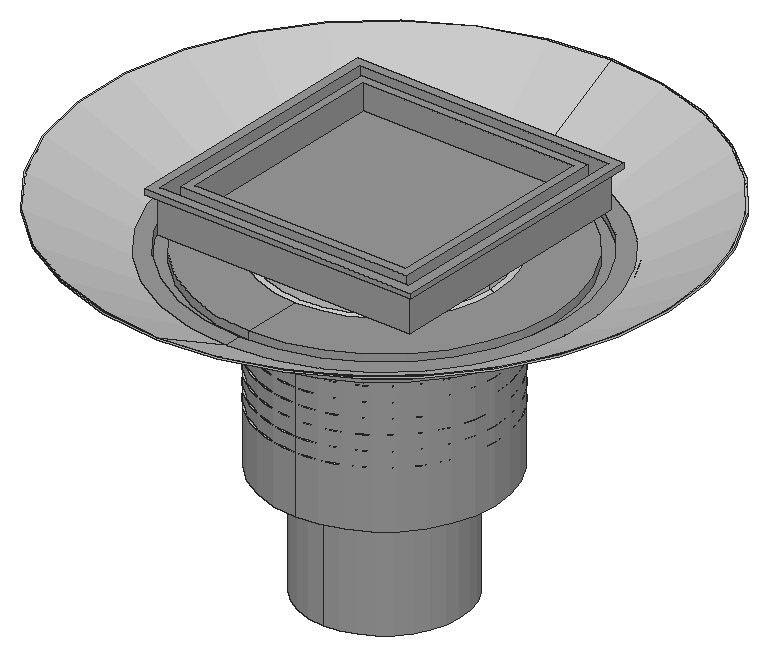
Revit family "_02HL_RU_Floor drain_HL310N-3020", category Instalační zařizovací předměty, Revit 2021
Family settings
  Kóta kulaté spojky = Použít průměr
  Typ dílu = Normální
  Číslo OmniClass = 23.70.50.21.24.14
  Nadpis OmniClass = Deck Waste Water Drains
  Založené na pracovní rovině = Ne
  Vždy vertikální = Ano
  Ořezat dutým tvarem při načtení = Ne
  Sdílené = Ano
  Bod výpočtu místnosti = Ano
Parameters (values of type "HL310N-3020")
  РЕШЁТКА = "112 x 112 mm / ABS-V4A"
  РАЗМЕР = "DN50/75/110"
  ПРОПУСКНАЯ СПОСОБНОСТЬ = 0.67 L/s
  ПРОИЗВОДИТЕЛЬНОСТЬ = "0,67 l/s"
  ПРАВОВАЯ ИНФОРМАЦИЯ = "Авторские права(©), права на дизайн или какие либо другие права интелектуальной собственности являются исключительной собственностью компании HL Hutterer & Lechner. Изменению не подлежит. Файл семейства с данными о прозводителе изделия защищен паролем с водяным знаком."  # constant formula
  Нормы = "EN 1253-1"
  НОМИНАЛЬНЫЙ ДИАМЕТР [instance] = 50 mm
  НАСАДКА = "10 - 80 mm / 132 x 132 mm / PP-V4A"
  МАТЕРИАЛ = "PP"
  МАКСИМАЛЬНАЯ НАГРУЗКА КЛАССА = "K3 - 300 kg"
  ВЫСОТА МОНТАЖА = "183 mm"
  ВЕС = "0,66 [kg]"
  EAN = "9003076034383"
  Výchozí výška = 0 mm
  Přípoj ventilace = no
  Výrobce = "HL Hutterer & Lechner GmbH"  # constant formula
  URL = "https://www.hutterer-lechner.com/ru/products/catalog/Floor-drains/attachments/HL310n-3020.aspx"
  Přípoj odpadních dílů = yes
  Přípoj HW = no
  Popis = "Трап для внутренних помещений"
  Model = "HL310N-3020"
  Komentáře k typům = "HL310N-3020 Трап для внутренних помещений с гидрозатвором, с вертикальным выпуском DN50/75/110, с надставным элементом 132х132/112х112 мм для вклеивания керамической плитки"
  Keynote = "HL310N-3020"
  Высота монтажа [instance] = 183 mm
  DN_Test [instance] = if(or(НОМИНАЛЬНЫЙ ДИАМЕТР = 50 mm, НОМИНАЛЬНЫЙ ДИАМЕТР = 75 mm, НОМИНАЛЬНЫЙ ДИАМЕТР = 110 mm), 30 mm, 0 mm)  # 30 mm
  Přípoj CW = no
  B [instance] = if(НОМИНАЛЬНЫЙ ДИАМЕТР = 110 mm, Высота монтажа - 56 mm, Высота монтажа)  # 183 mm
  A [instance] = if(B - 100 mm > 15 mm, B - 100 mm, 15 mm)  # 83 mm
  - - - DE - - - = 0 mm
Reference planes
  plane 1 "Center (Front/Back)": y = 0
  plane 2: z = 0
  plane 3 "Center (Left/Right)": x = 0
  plane 4 "Ball Joint Vertical": x = 25.45
  plane 5: z = -183
  plane 6: z = -183
Lines and regions (mm)
  model lines, style "InvisibleLines"
    curve 1: line (0, 0, 0) -> (0, 0, 1000)
  reference lines, not visible
    curve 2: line (0, 0, 0) -> (0, 0, -183)
  model lines, detail levels coarse+medium
    curve 3: line (0, 0, -183) -> (0, 0, -100)
    curve 4: line (0, 0, -100) -> (100, 0, 0)
    curve 5: line (0, 0, -100) -> (-100, 0, 0)
  symbolic lines, style "InvisibleLines", not visible
    curve 6: line (0, 0, 0) -> (0, 0, -30)
  symbolic lines, detail levels coarse+medium
    curve 7: line (-75, 75, 0) -> (75, 75, 0)
    curve 8: line (-75, 75, 0) -> (-75, -75, 0)
    curve 9: line (-75, -75, 0) -> (75, -75, 0)
    curve 10: line (75, 75, 0) -> (75, -75, 0)
    curve 11: line (145.711, 145.711, 0) -> (75, 75, 0)
    curve 12: line (-145.711, 145.711, 0) -> (-75, 75, 0)
    curve 13: line (145.711, -145.711, 0) -> (75, -75, 0)
    curve 14: line (-145.711, -145.711, 0) -> (-75, -75, 0)
  symbolic lines, not visible, detail levels coarse+medium
    curve 15: line (245.381, -300.208, 0) -> (395.381, -300.208, 0)
    curve 16: line (245.381, -300.208, 0) -> (245.381, -450.208, 0)
    curve 17: line (245.381, -450.208, 0) -> (395.381, -450.208, 0)
    curve 18: line (395.381, -300.208, 0) -> (395.381, -450.208, 0)
    curve 19: line (466.091, -229.497, 0) -> (395.381, -300.208, 0)
    curve 20: line (174.67, -229.497, 0) -> (245.381, -300.208, 0)
    curve 21: line (466.091, -520.918, 0) -> (395.381, -450.208, 0)
    curve 22: line (174.67, -520.918, 0) -> (245.381, -450.208, 0)
Text (mm)
  text "FLOOR" at (-236.513, 0, -26.556), in view "вид строительства"
Dimensions and locks
  locked: plane 4 "Ball Joint Vertical" to plane 3 "Center (Left/Right)" at 25.45
  "Высота монтажа": plane 2 to plane 5
  "A": curve 5 to plane 6
  "B": curve 5 to plane 6
  "B": curve 4 to plane 6
  "B": plane 2 to plane 6
  "DN_Test": plane 2 to curve 6
  locked: curve 4 to plane 3 "Center (Left/Right)" (angle 45.00°)
  locked: plane 3 "Center (Left/Right)" to curve 5 (angle 45.00°)
  aligned and locked: level to plane 2
  aligned and locked: plane 2 to curve 1
  aligned and locked: plane 3 "Center (Left/Right)" to curve 2
  aligned and locked: plane 3 "Center (Left/Right)" to curve 3
  aligned and locked: plane 3 "Center (Left/Right)" to curve 5
  aligned and locked: plane 2 to curve 2
  aligned and locked: plane 6 to curve 2
  aligned and locked: curve 6 to plane 3 "Center (Left/Right)"
  aligned and locked: plane 6 to curve 3
  aligned and locked: plane 5 to nested 1  (x2)
Automatic sketch dimensions
  curve 12 to curve 11 = 150 mm
  curve 9 to curve 11 = 150 mm
  curve 12 to curve 8 = 70.711 mm
  curve 14 to curve 9 = 70.711 mm  (x2)
  curve 7 to curve 11 = 70.711 mm  (x2)
  curve 9 to curve 13 = 70.711 mm
  curve 13 to curve 9 = 70.711 mm
  curve 8 to curve 12 = 70.711 mm
  curve 20 to curve 19 = 150 mm
  curve 17 to curve 19 = 150 mm
  curve 20 to curve 16 = 70.711 mm
  curve 22 to curve 17 = 70.711 mm  (x2)
  curve 15 to curve 19 = 70.711 mm  (x2)
  curve 17 to curve 21 = 70.711 mm
  curve 21 to curve 17 = 70.711 mm
  curve 16 to curve 20 = 70.711 mm
  level to curve 1 = 1000 mm
Nested families
  nested 1: "HL-Корпус для трапа внутренних помещений-HL310K-3020" at (0, 0, -10), type "HL310K-3020_Main Component"
  nested 2: "HL-Вкладыш сифона-HL0510.7EKK" at (0, 0, -17.079), type "HL0510.7EKK_Main Component"
  nested 3: "HL-Насадка-HL3020" at (0, 0, 0), type "HL3020_Main Component"
    with Высота монтажа 100 mm, RN 10, RL 65 mm, R yes, NL_Test yes, NL 100 mm
Connectors
  piping at (0, 0, -183), diameter 50, driven by "ПРОПУСКНАЯ СПОСОБНОСТЬ", driven by "НОМИНАЛЬНЫЙ ДИАМЕТР"
    settings: on curve 2, index 1, connector inside diameter 609.6 mm, connector length 0 mm, flow factor 0, pipe flow 0.67 L/s, pressure drop 0.0 Pa, fitting loss kfactor 0, connector angle 0.00°, fixture units 0, engagement length 0 mm, angle of deflection 0.00°, flow configuration 1, flow direction 2, fitting loss method 0, system type 16, joint type 0, gender type 0, connector reference index -1, connector utility 0, adjustable connector no, is connector primary yes, connector description ""
Definition of nested family "HL-Корпус для трапа внутренних помещений-HL310K-3020"
  Parameters (values of type "HL310K-3020")
    РАЗМЕР = "DN50/75/110"
    ПРАВОВАЯ ИНФОРМАЦИЯ = "Авторские права(©), права на дизайн или какие либо другие права интелектуальной собственности являются исключительной собственностью компании HL Hutterer & Lechner. Изменению не подлежит. Файл семейства с данными о прозводителе изделия защищен паролем с водяным знаком."  # constant formula
    МАТЕРИАЛ = "PP, ABS"
    ВЫСОТА МОНТАЖА = "170 mm"
    ВЕС = "0,17 [kg]"
    Waste Connection = yes
    Default Elevation = 0 mm
    Vent Connection = no
    Manufacturer = "HL Hutterer & Lechner GmbH"  # constant formula
    URL = "https://www.hutterer-lechner.com/ru/products/catalog/Floor-drains/vertical/flange/HL310K-3020.aspx"
    Assembly Code = ""
    HW Connection = no
    Description = "Трап для внутренних помещений"
    Model = "HL310K-3020"
    Type Comments = "Корпус трапа с вертикальным выпуском DN50/75/110, для серии 3020, с монтажной заглушкой"
    Keynote = "HL310K-3020"
    EAN = "9003076052202"
    CW Connection = no
  Reference planes
    plane 1 "Center (Front/Back)": y = 0
    plane 2: z = 0
    plane 3 "Center (Left/Right)": x = 0
    plane 4 "Ball Joint Vertical": x = 25.45
  Forms (mm)
    Revolve 1, solid, detail levels fine
      sketch origin (0, 0, 0) x (0, 1, 0) y (0, 0, 1)
        loop
          line (-142.408, 0) -> (-100, -22) -> (-97.986, -22) -> (-140.394, 0) -> (-142.408, 0)
        axis (0, 0) -> (0, -22)
      angle from 0 to 360
    Revolve 2, void
      sketch origin (0, 0, 0) x (0, 1, 0) y (0, 0, 1)
        loop
          line (-140.997, -0.926) -> (-140.997, 0.574) -> (-142.375, 0.574) -> (-142.375, -0.926) -> (-140.997, -0.926)
        axis (0, 0.574) -> (0, -0.926)
      angle from 0 to 360
    Revolve 3, solid, detail levels fine
      sketch origin (0, 0, 0) x (0, 1, 0) y (0, 0, 1)
        loop
          line (37.5, -117) -> (55, -117) -> (55, -46) -> (58.349, -46) -> (58.349, -29.5) -> (93, -29.5) -> (93, -24) -> (100, -24) -> (100, -22) -> (90, -22) -> (90, -26) -> (84, -26) -> (84, -22) -> (55.349, -22) -> (55.349, -42) -> (53, -42) -> (53, -114.996) -> (23, -114.996) -> (23, -173) -> (25, -173) -> (25, -117.159) -> (35.5, -117.159) -> (35.5, -173) -> (37.5, -173) -> (37.5, -117)
        axis (0, -22) -> (0, -173)
      angle from 0 to 360
  Cuts and joins
    Revolve 2 cuts Revolve 1
  Text (mm)
    text "ROOF/FLOOR" at (-198.233, 0, -26.556), in view "вид строительства"
  Dimensions and locks
    locked: plane 4 "Ball Joint Vertical" to plane 3 "Center (Left/Right)" at 25.45
    aligned and locked: level to plane 2
Definition of nested family "HL-Вкладыш сифона-HL0510.7EKK"
  Parameters (values of type "HL0510.7EKK")
    ПРАВОВАЯ ИНФОРМАЦИЯ = "Авторские права(©), права на дизайн или какие либо другие права интелектуальной собственности являются исключительной собственностью компании HL Hutterer & Lechner. Изменению не подлежит. Файл семейства с данными о прозводителе изделия защищен паролем с водяным знаком."  # constant formula
    МАТЕРИАЛ = "PP"
    ВЕС = "0,08 [kg]"
    Waste Connection = yes
    Default Elevation = 0 mm
    Vent Connection = no
    Manufacturer = "HL Hutterer & Lechner GmbH"  # constant formula
    URL = "http://www.hutterer-lechner.com/ru/products/catalog/floor-drains/attachments/HL0510.7ekk.aspx"
    HW Connection = no
    Description = "Трапы для внутренних помещений - Комплектующие"
    Model = "HL0510.7EKK"
    Type Comments = "HL0510.7EKK Вкладыш запахозапирающий комплектный для системы \"KLICK-KLACK\""
    Keynote = "HL0510.7EKK"
    EAN = "9003076015832"
    CW Connection = no
  Reference planes
    plane 1 "Center (Front/Back)": y = 0
    plane 2: z = 0
    plane 3 "Center (Left/Right)": x = 0
    plane 4 "Ball Joint Vertical": x = 25.45
  Forms (mm)
    Revolve 1, solid, detail levels fine
      sketch origin (0, 0, 0) x (0, 1, 0) y (0, 0, 1)
        loop
          line (53, 0) -> (45, 0) -> (45, -26.014) -> (43.906, -33.62) -> (43.1, -33.62) -> (43.1, -68.2) -> (20, -68.2) -> (20, -11) -> (18.2, -11) -> (18.2, -70) -> (45, -70) -> (45, -36) -> (48.9, -36) -> (48.9, -14) -> (49.7, -14) -> (49.7, -2) -> (53, -2) -> (53, 0)
        loop
          line (36.005, -61) -> (36.005, -2)
          arc (36.005, -2) -> (35.419, -0.586) -> (34.005, 0) r 2
          line (34.005, 0) -> (0, 0) -> (0, -1.8) -> (34.207, -1.8) -> (34.207, -61) -> (36.005, -61)
        axis (0, 0) -> (0, -70)
      angle from 0 to 360
    Extrusion 2, solid, detail levels fine
      sketch origin (0, 0, 0) x (1, 0, 0) y (0, 1, 0)
        loop
          line (4, 23) -> (-4, 23) -> (-4, 5.7) -> (-24.1, 5.7) -> (-24.1, -5.7) -> (-4, -5.7) -> (-4, -23) -> (4, -23) -> (4, -5.7) -> (24.1, -5.7) -> (24.1, 5.7) -> (4, 5.7) -> (4, 23)
      from -82.5 to -81
    Extrusion 3, solid, detail levels fine
      sketch origin (0, 0, 0) x (1, 0, 0) y (0, 1, 0)
        loop
          line (-18.9, 5.7) -> (-24.1, 5.7) -> (-24.1, -5.7) -> (-18.9, -5.7) -> (-18.9, 5.7)
        loop
          line (18.9, 5.7) -> (18.9, -5.7) -> (24.1, -5.7) -> (24.1, 5.7) -> (18.9, 5.7)
      from -81 to -70
    Revolve 4, solid, detail levels fine
      sketch origin (0, 0, 0) x (0, 1, 0) y (0, 0, 1)
        loop
          line (49.7, -6.568) -> (49.7, -11.432)
          arc (49.7, -11.432) -> (51.625, -9) -> (49.7, -6.568) r 2.498
        axis (0, -6.568) -> (0, -11.432)
      angle from 0 to 360
  Cuts and joins
    joined: Revolve 1, Extrusion 2, Extrusion 3
  Text (mm)
    text "ROOF/FLOOR" at (-198.233, 0, -26.556), in view "Drain Construction View"
  Dimensions and locks
    locked: plane 4 "Ball Joint Vertical" to plane 3 "Center (Left/Right)" at 25.45
    aligned and locked: level to plane 2
Definition of nested family "HL-Насадка-HL3020"
  Parameters (values of type "HL3020")
    РЕШЁТКА = "112 x 112 mm / ABS-V4A"
    РАЗМЕР = "d 110 mm"
    ПРАВОВАЯ ИНФОРМАЦИЯ = "Авторские права(©), права на дизайн или какие либо другие права интелектуальной собственности являются исключительной собственностью компании HL Hutterer & Lechner. Изменению не подлежит. Файл семейства с данными о прозводителе изделия защищен паролем с водяным знаком."  # constant formula
    НАСАДКА = "132 x 132 mm / PP-V4A"
    МАКСИМАЛЬНАЯ НАГРУЗКА КЛАССА = "K3 - 300 kg"
    Высота монтажа [instance] = 100 mm
    ВЫСОТА МОНТАЖА = "30 - 100 mm (10-80 mm)"
    ВЕС = "0,32 [kg]"
    Waste Connection = yes
    Default Elevation = 0 mm
    Vent Connection = no
    RD = 6.5 mm  # constant formula
    R [instance] = ((Высота монтажа - NL_Min) / RD - 1) > 2  # yes
    RL [instance] = RD * RN  # 65 mm
    NL_Test [instance] = and(or(Высота монтажа < NL_Max, Высота монтажа = NL_Max), or(Высота монтажа > NL_Min, Высота монтажа = NL_Min))  # yes
    NL_Min = 30 mm
    NL_Max = 100 mm
    NL [instance] = if(NL_Test, Высота монтажа, 0 mm)  # 100 mm
    RN [instance] = if((Высота монтажа - NL_Min) / RD - 1 < 2, 2, (Высота монтажа - NL_Min) / RD - 1)  # 10
    Manufacturer = "HL Hutterer & Lechner GmbH"  # constant formula
    URL = "http://www.hutterer-lechner.com/ru/products/catalog/floor-drains/attachments/HL3020.aspx"
    HW Connection = no
    Description = "Трапы для внутренних помещений - Комплектующие"
    Model = "HL3020"
    Type Comments = "HL3020 Надставной элемент ?110 мм с подрамником из нержавеющей стали 132х132 мм и вкладышем 112х112 мм для вклеивания керамической плитки"
    Keynote = "HL3020"
    EAN = "9003076034253"
    CW Connection = no
  Reference planes
    plane 1 "Center (Front/Back)": y = 0
    plane 2: z = 0
    plane 3 "Center (Left/Right)": x = 0
    plane 4 "Ball Joint Vertical": x = 25.45
    plane 5: z = -100
  Forms (mm)
    Sweep 1, solid, detail levels fine
      path origin (0, 0, 0) x (1, 0, 0) y (0, 1, 0)
        loop
          line (-66, 66) -> (-66, -66) -> (66, -66) -> (66, 66) -> (-66, 66)
      profile origin (0, 66, 0) x (0, 1, 0) y (0, 0, 1)
        loop
          line (0, 0) -> (-4.35, 0) -> (-4.35, -20.7) -> (-3.55, -20.7) -> (-3.55, -2.5) -> (0, -2.5) -> (0, 0)
        loop
          line (-10, 0) -> (-14, 0) -> (-14, -14) -> (-10, -14) -> (-10, 0)
    Extrusion 2, solid, detail levels fine
      sketch origin (0, 0, 0) x (1, 0, 0) y (0, 1, 0)
        loop
          line (-56, 56) -> (-56, -56) -> (56, -56) -> (56, 56) -> (-56, 56)
      from -12 to -14
    Extrusion 3, solid, detail levels fine
      sketch origin (0, 0, 0) x (1, 0, 0) y (0, 1, 0)
        loop
          line (-61.75, 61.75) -> (-61.75, -61.75) -> (61.75, -61.75) -> (61.75, 61.75) -> (-61.75, 61.75)
      from -20.7 to -19.079
    Revolve 4, solid, detail levels fine
      sketch origin (0, 0, 0) x (1, 0, 0) y (0, 0, 1)
        loop
          line (52, -100) -> (52, -20.7) -> (50.2, -20.7) -> (50.2, -100) -> (52, -100)
        axis (0, -20.7) -> (0, -100)
      angle from 0 to 360
  Lines and regions (mm)
    symbolic lines
      curve 1: line (0, 0, -100) -> (0, 0, 0)
  Text (mm)
    text "ROOF/FLOOR" at (-198.233, 0, -26.556), in view "Drain Construction View"
  Dimensions and locks
    locked: plane 4 "Ball Joint Vertical" to plane 3 "Center (Left/Right)" at 25.45
    "NL": plane 2 to plane 5
    equal spacing: group 1, group 3, group 4, group 5, group 6, group 7, group 8, group 9, group 10, group 2  (x3)
    "RL": nested 2 to nested 1
    locked: nested 1 to plane 5 at 1.516
    aligned and locked: level to plane 2
    aligned and locked: plane 3 "Center (Left/Right)" to nested 1
    aligned and locked: plane 1 "Center (Front/Back)" to nested 1
    aligned and locked: plane 2 to curve 1
    aligned and locked: plane 5 to curve 1
    aligned and locked: Sweep 1 to Revolve 4 sketch curve
    aligned and locked: plane 5 to Revolve 4 sketch curve
  Automatic sketch dimensions
    curve 1 to plane 4 "Ball Joint Vertical" = 25.45 mm
    Sweep 1 sketch curve to plane 3 "Center (Left/Right)" = 66 mm
    plane 4 "Ball Joint Vertical" to Sweep 1 sketch curve = 40.55 mm
    plane 1 "Center (Front/Back)" to Sweep 1 sketch curve = 66 mm
    Sweep 1 sketch curve to plane 1 "Center (Front/Back)" = 66 mm
    Sweep 1 sketch curve to profile plane = 0 mm  (x3)
    profile plane to Sweep 1 sketch curve = 3.55 mm
    Sweep 1 sketch curve to Sweep 1 sketch curve = 0.8 mm
    Sweep 1 sketch curve to Sweep 1 sketch curve = 5.65 mm
    Sweep 1 sketch curve to Sweep 1 sketch curve = 4 mm
    Sweep 1 sketch curve to profile plane = 2.5 mm
    Sweep 1 sketch curve to Sweep 1 sketch curve = 11.5 mm
    Sweep 1 sketch curve to Sweep 1 sketch curve = 6.7 mm
    Extrusion 2 sketch curve to plane 3 "Center (Left/Right)" = 56 mm
    plane 4 "Ball Joint Vertical" to Extrusion 2 sketch curve = 30.55 mm
    plane 1 "Center (Front/Back)" to Extrusion 2 sketch curve = 56 mm
    Extrusion 2 sketch curve to plane 1 "Center (Front/Back)" = 56 mm
    Extrusion 3 sketch curve to plane 3 "Center (Left/Right)" = 61.75 mm
    plane 4 "Ball Joint Vertical" to Extrusion 3 sketch curve = 36.3 mm
    plane 1 "Center (Front/Back)" to Extrusion 3 sketch curve = 61.75 mm
    Extrusion 3 sketch curve to plane 1 "Center (Front/Back)" = 61.75 mm
    Revolve 4 sketch curve to plane 3 "Center (Left/Right)" = 0 mm
    plane 4 "Ball Joint Vertical" to Revolve 4 sketch curve = 24.75 mm
    Revolve 4 sketch curve to Revolve 4 sketch curve = 1.8 mm
    Revolve 4 sketch curve to level = 22.222 mm
    level to Revolve 4 sketch curve = 10 mm
  Nested families
    nested 1: "Ring" at (0, 0, -98.484), visible <- "R", type "Ring"
    nested 2: "Ring" at (0, 0, -33.484), visible <- "R", type "Ring"
    nested 3: "Ring" at (0, 0, -91.262), visible <- "R", type "Ring"
    nested 4: "Ring" at (0, 0, -84.039), visible <- "R", type "Ring"
    nested 5: "Ring" at (0, 0, -76.817), visible <- "R", type "Ring"
    nested 6: "Ring" at (0, 0, -69.595), visible <- "R", type "Ring"
    nested 7: "Ring" at (0, 0, -62.373), visible <- "R", type "Ring"
    nested 8: "Ring" at (0, 0, -55.151), visible <- "R", type "Ring"
    nested 9: "Ring" at (0, 0, -47.928), visible <- "R", type "Ring"
    nested 10: "Ring" at (0, 0, -40.706), visible <- "R", type "Ring"
  Definition of nested family "Ring"
    Parameters (values of type "Ring")
      Manufacturer = ""
      Default Elevation = 0 mm
      URL = ""
      R = D / 2  # 51.5 mm
      Description = ""
      Model = ""
      Material = none
      Type Comments = ""
      D = 103 mm
      Cost = 0
    Reference planes
      plane 1 "Střed (vpředu/vzadu)": y = 0
      plane 2: z = 0
      plane 3 "Střed (vlevo/vpravo)": x = 0
    Forms (mm)
      Revolve 1, solid, material <- "Material", detail levels fine
        sketch origin (0, 0, 0) x (1, 0, 0) y (0, 0, 1)
          loop
            line (-51.5, 1.482) -> (-54.764, 0) -> (-51.5, -1.516) -> (-51.5, 1.482)
          axis (0, 1.482) -> (0, -1.516)
        angle from 0 to 360
    Dimensions and locks
      "R": Revolve 1 sketch curve to plane 3 "Střed (vlevo/vpravo)"
      aligned and locked: level to plane 2
      aligned and locked: Revolve 1 sketch curve to plane 3 "Střed (vlevo/vpravo)"
    Automatic sketch dimensions
      Revolve 1 sketch curve to level = 0 mm
      Revolve 1 sketch curve to Revolve 1 sketch curve = 3.264 mm
      Revolve 1 sketch curve to level = 1.516 mm
      level to Revolve 1 sketch curve = 1.482 mm
      Revolve 1 sketch curve to level = 381 mm
      Revolve 1 sketch curve to Revolve 1 sketch curve = 2212.833 mm
